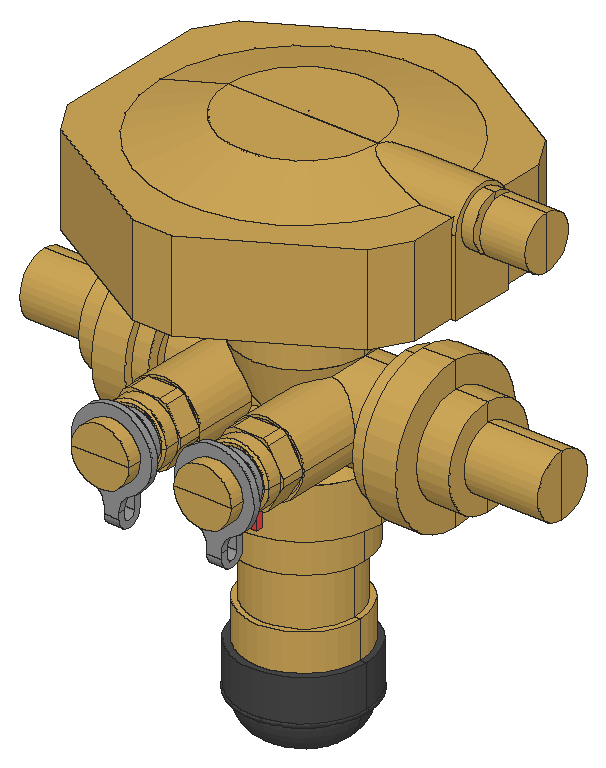
Revit family "Pressure independent control valve 4006_M", category Rohrzubehör, Revit 2018 (continued)
Definition of nested family "Messstutzen_Band_Austritt_senkrecht"
  Forms (mm)
    Revolve 1, solid, detail levels fine
      sketch origin (0, 0, 0) x (1, 0, 0) y (0, 0, 1)
        loop
          line (-7.4, -9) -> (-7.4, -16.5)
          arc (-7.4, -16.5) -> (-7.693, -17.207) -> (-8.4, -17.5) r 1
          line (-8.4, -17.5) -> (-2, -17.5) -> (-2, 0) -> (-5.555, 0) -> (-6.455, -0.9) -> (-6.455, -4.681) -> (-5.843, -5.293)
          arc (-5.843, -5.293) -> (-5.626, -5.617) -> (-5.55, -6) r 1
          line (-5.55, -6) -> (-5.55, -9) -> (-7.4, -9)
        loop
          line (-3.7, -27) -> (-3.7, -30.45) -> (-4.415, -30.863) -> (-4.415, -35.19) -> (-3.805, -35.8) -> (-2, -35.8) -> (-2, -23) -> (-7.9, -23) -> (-7.9, -26.4) -> (-7.3, -27) -> (-3.7, -27)
        axis (0, 0) -> (0, -35.8)
      angle from 0 to 360
    Extrusion 2, solid, detail levels fine
      sketch origin (0, 0, -17.5) x (0, 1, 0) y (1, 0, 0)
        loop
          line (-7.07, -5.156) -> (-0.93, -8.7)
          arc (-0.93, -8.7) -> (0, -8.75) -> (0.93, -8.7) r 8.75
          line (0.93, -8.7) -> (7.07, -5.156)
          arc (7.07, -5.156) -> (7.578, -4.375) -> (8, -3.544) r 8.75
          line (8, -3.544) -> (8, 3.544)
          arc (8, 3.544) -> (7.578, 4.375) -> (7.07, 5.156) r 8.75
          line (7.07, 5.156) -> (0.93, 8.7)
          arc (0.93, 8.7) -> (0, 8.75) -> (-0.93, 8.7) r 8.75
          line (-0.93, 8.7) -> (-7.07, 5.156)
          arc (-7.07, 5.156) -> (-7.578, 4.375) -> (-8, 3.544) r 8.75
          line (-8, 3.544) -> (-8, -3.544)
          arc (-8, -3.544) -> (-7.578, -4.375) -> (-7.07, -5.156) r 8.75
      from 0 to 5.5
    Revolve 3, solid, visible <- "Schutzkappe", detail levels fine
      sketch origin (0, 0, 0) x (1, 0, 0) y (0, 0, 1)
        loop
          line (0, -35.878) -> (-3.805, -35.878) -> (-4.415, -35.268) -> (-4.415, -30.178) -> (-6.9, -30.178) -> (-6.9, -31.678) -> (-6.1, -31.678) -> (-6.1, -33.378) -> (-7, -33.378) -> (-7, -36.678) -> (0, -36.678) -> (0, -35.878)
        axis (0, -30.178) -> (0, -36.678)
      angle from 0 to 360
    Extrusion 4, solid, detail levels fine
      sketch origin (0, 0, -27) x (0, 1, 0) y (-1, 0, 0)
        loop
          circle (0, 0) r 3.7
        loop
          arc (5.505, 3.906) -> (-6.75, 0) -> (5.505, -3.906) r 6.75
          arc (5.505, -3.906) -> (7.288, -2.358) -> (9.582, -1.8) r 5
          line (9.582, -1.8) -> (9.582, 1.8)
          arc (9.582, 1.8) -> (7.288, 2.358) -> (5.505, 3.906) r 5
      from 0 to -1.5
    Extrusion 5, solid, detail levels fine
      sketch origin (0, 0, -31.678) x (0, 1, 0) y (-1, 0, 0)
        loop
          circle (0, 0) r 6.1
        loop
          arc (8.652, 4.495) -> (-9.75, 0) -> (8.652, -4.495) r 9.75
          arc (8.652, -4.495) -> (10.493, -2.527) -> (13.089, -1.8) r 5
          line (13.089, -1.8) -> (13.089, 1.8)
          arc (13.089, 1.8) -> (10.493, 2.527) -> (8.652, 4.495) r 5
      from 0 to -1.5
    Sweep 6, solid, detail levels fine
      path origin (0, 0, 0) x (0, 0, 1) y (0, -1, 0)
        loop
          line (-27.75, -9.582) -> (-27.75, -14.522)
          arc (-27.75, -14.522) -> (-30.089, -16.862) -> (-32.428, -14.522) r 2.339
          line (-32.428, -14.522) -> (-32.428, -13.089)
      profile origin (0, 12.052, -27.75) x (0, 0, 1) y (1, 0, 0)
        loop
          line (0.75, -1.8) -> (0.75, 1.8) -> (-0.75, 1.8) -> (-0.75, -1.8) -> (0.75, -1.8)
  Cuts and joins
    joined: Extrusion 4, Extrusion 5, Sweep 6
  Dimensions and locks
    aligned and locked: level to plane 2
